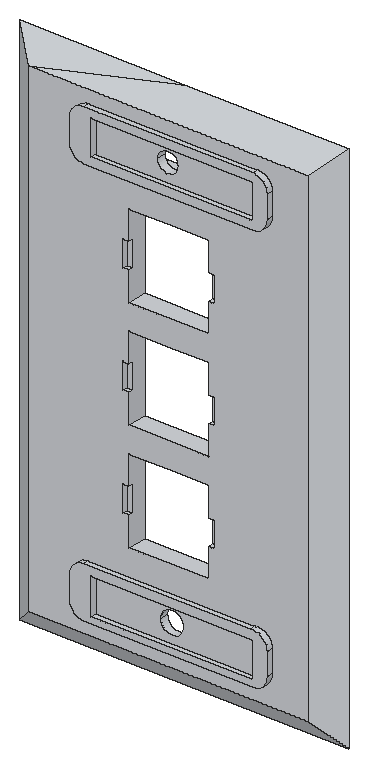
Revit family
Parameters
  Material ID = "760072199"
  Description = "SP TYPE FLUSH-MOUNTED FACEPLATE, LABELED"
Reference planes (in)
  plane 1 "Center (Front/Back)": y = 0
  plane 2: z = 0
  plane 3 "Center (Left/Right)": x = 0
Forms (in)
  Extrusion 1, solid, not visible
    sketch origin (0, -14.305, 0) x (1, 0, 0) y (0, 0, 1)
      loop
        line (-8.5516, 0.86) -> (-8.5516, 0.46) -> (-7.9516, 0.46) -> (-7.9516, 0.86) -> (-8.5516, 0.86)
    from 0 to 0.77696
  Blend 2, solid
    base sketch origin (0, 0, 0) x (1, 0, 0) y (0, 0, 1)
      loop
        line (0, 2.25) -> (-1.375, 2.25) -> (-1.375, -2.25) -> (1.375, -2.25) -> (1.375, 2.25) -> (0, 2.25)
    top sketch origin (0, 0, 0) x (1, 0, 0) y (0, 0, 1)
      loop
        line (-1.175, 2.05) -> (-1.175, -2.05) -> (1.175, -2.05) -> (1.175, 2.05) -> (-1.175, 2.05)
    from 0 to 0.16
  Extrusion 3, void
    sketch origin (0, 0, 0) x (1, 0, 0) y (0, 0, 1)
      loop
        line (0, 0.354) -> (-0.335, 0.354) -> (-0.335, -0.354) -> (0.335, -0.354) -> (0.335, 0.354) -> (0, 0.354)
      loop
        line (0, 1.274) -> (-0.335, 1.274) -> (-0.335, 0.566) -> (0.335, 0.566) -> (0.335, 1.274) -> (0, 1.274)
      loop
        line (0, -0.566) -> (-0.335, -0.566) -> (-0.335, -1.274) -> (0.335, -1.274) -> (0.335, -0.566) -> (0, -0.566)
    from 0 to 12
  Extrusion 4, void
    sketch origin (0, 0, 0) x (1, 0, 0) y (0, 0, 1)
      loop
        line (-0.335, 0.109) -> (-0.3845, 0.109) -> (-0.3845, -0.109) -> (-0.335, -0.109) -> (-0.335, 0.109)
      loop
        line (0.3845, 0.109) -> (0.335, 0.109) -> (0.335, -0.109) -> (0.3845, -0.109) -> (0.3845, 0.109)
      loop
        line (-0.335, 1.029) -> (-0.3845, 1.029) -> (-0.3845, 0.811) -> (-0.335, 0.811) -> (-0.335, 1.029)
      loop
        line (0.3845, 1.029) -> (0.335, 1.029) -> (0.335, 0.811) -> (0.3845, 0.811) -> (0.3845, 1.029)
      loop
        line (-0.335, -0.811) -> (-0.3845, -0.811) -> (-0.3845, -1.029) -> (-0.335, -1.029) -> (-0.335, -0.811)
      loop
        line (0.3845, -0.811) -> (0.335, -0.811) -> (0.335, -1.029) -> (0.3845, -1.029) -> (0.3845, -0.811)
    from 0.12015 to 12
  Extrusion 5, solid
    sketch origin (0, 0, 0) x (1, 0, 0) y (0, 0, 1)
      loop
        arc (-0.67361, 1.94028) -> (-0.75645, 1.90597) -> (-0.79076, 1.82314) r 0.11715
        line (-0.79076, 1.82314) -> (-0.79076, 1.63288)
        arc (-0.79076, 1.63288) -> (-0.75561, 1.54803) -> (-0.67076, 1.51288) r 0.12
        line (-0.67076, 1.51288) -> (0.74543, 1.51288)
        arc (0.74543, 1.51288) -> (0.83028, 1.54803) -> (0.86543, 1.63288) r 0.12
        line (0.86543, 1.63288) -> (0.86543, 1.82298)
        arc (0.86543, 1.82298) -> (0.83107, 1.90593) -> (0.74812, 1.94028) r 0.1173
        line (0.74812, 1.94028) -> (-0.67361, 1.94028)
      loop
        arc (-0.67758, -1.49345) -> (-0.75799, -1.53085) -> (-0.79076, -1.61325) r 0.12
        line (-0.79076, -1.61325) -> (-0.79076, -1.80085)
        arc (-0.79076, -1.80085) -> (-0.75561, -1.8857) -> (-0.67076, -1.92085) r 0.12
        line (-0.67076, -1.92085) -> (0.74543, -1.92085)
        arc (0.74543, -1.92085) -> (0.83028, -1.8857) -> (0.86543, -1.80085) r 0.12
        line (0.86543, -1.80085) -> (0.86543, -1.61078)
        arc (0.86543, -1.61078) -> (0.82087, -1.51746) -> (0.72028, -1.49345) r 0.12
        line (0.72028, -1.49345) -> (-0.67758, -1.49345)
    from 0.16 to 0.21
  Extrusion 6, void
    sketch origin (0, 0, 0) x (1, 0, 0) y (0, 0, 1)
      loop
        line (-0.61626, 1.87578) -> (-0.61626, 1.58136) -> (0.74616, 1.58136) -> (0.74616, 1.87578) -> (-0.61626, 1.87578)
      loop
        line (-0.61626, -1.5623) -> (-0.61626, -1.86769) -> (0.74616, -1.86769) -> (0.74616, -1.5623) -> (-0.61626, -1.5623)
    from 0.16 to 12
  Extrusion 7, void
    sketch origin (0, 0, 0) x (1, 0, 0) y (0, 0, 1)
      loop
        circle (-0.00737, 1.7343) r 0.08643
      loop
        circle (0.02621, -1.71162) r 0.09717
    from 0 to 12
  Sweep 8, void
    path origin (0, 0, 0) x (1, 0, 0) y (0, 0, 1)
      loop
        line (1.14853, 2.06138) -> (-1.10147, 2.06138) -> (-1.10147, -2.02819) -> (1.14853, -2.02819) -> (1.14853, 2.06138)
    profile origin (0.02353, 0, 2.06138) x (0, 0, -1) y (0, -1, 0)
      loop
        line (0, 0) -> (0.42558, 0) -> (0.42558, 0.09063) -> (0.09063, 0.09063) -> (0, 0)
Cuts and joins
  Extrusion 3, Extrusion 4, Extrusion 6, Extrusion 7, Sweep 8 cuts Blend 2
  Extrusion 6, Extrusion 7 cuts Extrusion 5
